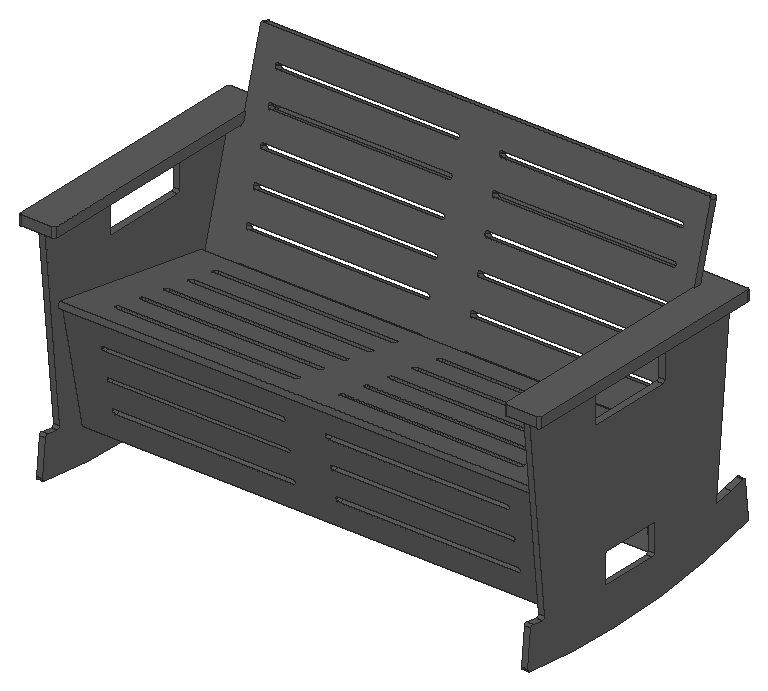
Revit family "Lollygagger Go Love Rocker", category Furniture, Revit 2016 (continued)
Automatic sketch dimensions
  Extrusion 16 sketch curve to Extrusion 16 sketch curve = 0' - 0.00384"
  Extrusion 16 sketch curve to Extrusion 16 sketch curve = 0' - 0.87548"
  Extrusion 16 sketch curve to Extrusion 16 sketch curve = 0' - 0.00476"
  Extrusion 16 sketch curve to Extrusion 16 sketch curve = 0' - 0.62762"
  Extrusion 16 sketch curve to Extrusion 16 sketch curve = 0' - 3.99994"
  Extrusion 16 sketch curve to Extrusion 16 sketch curve = 0' - 0.6186"
  Extrusion 16 sketch curve to Extrusion 16 sketch curve = 0' - 0.00477"  (x2)
  Extrusion 16 sketch curve to Extrusion 16 sketch curve = 0' - 0.87462"
  Extrusion 16 sketch curve to Extrusion 16 sketch curve = 0' - 0.00362"
  Extrusion 16 sketch curve to Extrusion 16 sketch curve = 0' - 0.66539"
  Extrusion 16 sketch curve to Extrusion 16 sketch curve = 0' - 0.70143"
  Extrusion 16 sketch curve to Extrusion 16 sketch curve = 0' - 0.70619"
  Extrusion 16 sketch curve to Extrusion 16 sketch curve = 0' - 0.25829"
  Extrusion 16 sketch curve to Extrusion 16 sketch curve = 0' - 0.24877"
  Extrusion 17 sketch curve to plane 12 = 0' - 0.77952"
  Extrusion 17 sketch curve to plane 22 = 0' - 1.95125"
  Extrusion 17 sketch curve to Extrusion 17 sketch curve = 0' - 0.00384"
  Extrusion 17 sketch curve to Extrusion 17 sketch curve = 0' - 0.87548"
  Extrusion 17 sketch curve to Extrusion 17 sketch curve = 0' - 0.00476"
  Extrusion 17 sketch curve to Extrusion 17 sketch curve = 0' - 0.62762"
  Extrusion 17 sketch curve to Extrusion 17 sketch curve = 0' - 3.99994"
  Extrusion 17 sketch curve to Extrusion 17 sketch curve = 0' - 0.6186"
  Extrusion 17 sketch curve to Extrusion 17 sketch curve = 0' - 0.00477"  (x2)
  Extrusion 17 sketch curve to Extrusion 17 sketch curve = 0' - 0.87462"
  Extrusion 17 sketch curve to Extrusion 17 sketch curve = 0' - 0.00362"
  Extrusion 17 sketch curve to Extrusion 17 sketch curve = 0' - 0.66539"
  Extrusion 17 sketch curve to Extrusion 17 sketch curve = 0' - 0.70143"
  Extrusion 17 sketch curve to Extrusion 17 sketch curve = 0' - 0.70619"
  Extrusion 17 sketch curve to Extrusion 17 sketch curve = 0' - 0.25829"
  Extrusion 17 sketch curve to Extrusion 17 sketch curve = 0' - 0.24877"
  Extrusion 18 sketch curve to plane 5 = 0' - 0"  (x2)
  plane 7 to Extrusion 18 sketch curve = 0' - 0.4025"
  plane 7 to Extrusion 18 sketch curve = 0' - 0.60108"
  Extrusion 18 sketch curve to Extrusion 18 sketch curve = 0' - 0.22134"
  Extrusion 18 sketch curve to Extrusion 18 sketch curve = 0' - 0.02729"
  plane 7 to Extrusion 18 sketch curve = 0' - 0.76852"
  Extrusion 18 sketch curve to Extrusion 18 sketch curve = 0' - 0.24863"  (x5)
  Extrusion 18 sketch curve to Extrusion 18 sketch curve = 0' - 0.03479"  (x2)
  plane 12 to Extrusion 18 sketch curve = 0' - 0.79524"
  level to Extrusion 18 sketch curve = 0' - 0.15476"
  Extrusion 18 sketch curve to plane 12 = 0' - 2.99409"
  plane 1 "Center Front/Back" to Extrusion 18 sketch curve = 0' - 4.37245"
  Extrusion 18 sketch curve to Extrusion 18 sketch curve = 0' - 0 1/4"  (x4)
  Extrusion 18 sketch curve to plane 8 = 0' - 0.23845"
  plane 1 "Center Front/Back" to Extrusion 18 sketch curve = 0' - 3.10134"
  plane 8 to Extrusion 18 sketch curve = 0' - 0.01155"
  level to Extrusion 18 sketch curve = 0' - 0.00395"
  plane 1 "Center Front/Back" to Extrusion 18 sketch curve = 0' - 1.59178"
  Extrusion 18 sketch curve to plane 1 "Center Front/Back" = 0' - 2.85134"
  Extrusion 18 sketch curve to Extrusion 18 sketch curve = 0' - 0"
  level to Extrusion 18 sketch curve = 0' - 0.3065"
  Extrusion 18 sketch curve to plane 1 "Center Front/Back" = 0' - 4.00288"
  Extrusion 18 sketch curve to plane 1 "Center Front/Back" = 0' - 4.12245"
  Extrusion 18 sketch curve to plane 11 = 0' - 0.78441"
  plane 11 to Extrusion 18 sketch curve = 0' - 0.60503"
  Extrusion 18 sketch curve to Extrusion 18 sketch curve = 0' - 0.05739"
  Extrusion 18 sketch curve to plane 6 = 0' - 0.60108"
  Extrusion 18 sketch curve to plane 6 = 0' - 0.45022"
  plane 6 to Extrusion 18 sketch curve = 0' - 0.94656"
  Extrusion 18 sketch curve to Extrusion 18 sketch curve = 0' - 0.06346"
  plane 6 to Extrusion 18 sketch curve = 0' - 1.38064"
  level to Extrusion 18 sketch curve = 0' - 0.74704"
  Extrusion 18 sketch curve to Extrusion 18 sketch curve = 0' - 0.24851"
  level to Extrusion 18 sketch curve = 0' - 1.03594"
  level to Extrusion 18 sketch curve = 0' - 2.43943"
  Extrusion 18 sketch curve to Extrusion 18 sketch curve = 0' - 0.02613"  (x3)
  Extrusion 18 sketch curve to Extrusion 18 sketch curve = 0' - 2.80302"
  Extrusion 18 sketch curve to plane 8 = 0' - 2.77203"
  Extrusion 18 sketch curve to Extrusion 18 sketch curve = 0' - 0.16514"
  Extrusion 18 sketch curve to Extrusion 18 sketch curve = 0' - 0.24757"
  Extrusion 18 sketch curve to plane 8 = 0' - 1.80081"
  Extrusion 18 sketch curve to Extrusion 18 sketch curve = 0' - 0.24332"
  Extrusion 18 sketch curve to plane 8 = 0' - 1.40902"
  Extrusion 18 sketch curve to plane 8 = 0' - 1.28429"
  Extrusion 18 sketch curve to plane 5 = 0' - 4"
  Extrusion 18 sketch curve to Extrusion 18 sketch curve = 0' - 0.05398"
  Extrusion 18 sketch curve to Extrusion 18 sketch curve = 0' - 0.00005"
  Extrusion 18 sketch curve to Extrusion 18 sketch curve = 0' - 0.00023"
  Extrusion 19 sketch curve to plane 19 = 0' - 0"  (x2)
  Extrusion 19 sketch curve to plane 22 = 0' - 0.5463"
  Extrusion 19 sketch curve to Extrusion 19 sketch curve = 0' - 0.43578"
  Extrusion 19 sketch curve to Extrusion 19 sketch curve = 0' - 0.90715"
  Extrusion 19 sketch curve to Extrusion 19 sketch curve = 0' - 0.02179"
  Extrusion 19 sketch curve to Extrusion 19 sketch curve = 0' - 0.24996"
  Extrusion 19 sketch curve to Extrusion 19 sketch curve = 0' - 0.00349"
  Extrusion 19 sketch curve to Extrusion 19 sketch curve = 1' - 1.18249"
  Extrusion 19 sketch curve to Extrusion 19 sketch curve = 0' - 0.02112"
  Extrusion 19 sketch curve to Extrusion 19 sketch curve = 0' - 0.1158"
  Extrusion 19 sketch curve to Extrusion 19 sketch curve = 0' - 0.76069"
  Extrusion 19 sketch curve to Extrusion 19 sketch curve = 0' - 1.84829"
  Extrusion 19 sketch curve to Extrusion 19 sketch curve = 0' - 4.3543"
  Extrusion 19 sketch curve to Extrusion 19 sketch curve = 0' - 0.09984"
  Extrusion 19 sketch curve to Extrusion 19 sketch curve = 0' - 0.22305"
  plane 3 "Center Left/Right" to Extrusion 20 sketch curve = 0' - 1 3/8"
  Extrusion 20 sketch curve to Extrusion 20 sketch curve = 0' - 0.49799"  (x2)
  plane 3 "Center Left/Right" to Extrusion 20 sketch curve = 0' - 0.5013"
  plane 3 "Center Left/Right" to Extrusion 20 sketch curve = 0' - 0.48554"
  Extrusion 20 sketch curve to plane 3 "Center Left/Right" = 0' - 0.50665"
  Extrusion 20 sketch curve to plane 3 "Center Left/Right" = 0' - 0.5263"
  Extrusion 20 sketch curve to Extrusion 20 sketch curve = 0' - 0.37036"
  Extrusion 20 sketch curve to Extrusion 20 sketch curve = 0' - 0.50353"
  Extrusion 20 sketch curve to Extrusion 20 sketch curve = 0' - 0.48242"
  Extrusion 20 sketch curve to Extrusion 20 sketch curve = 0' - 0.50442"
  plane 3 "Center Left/Right" to Extrusion 21 sketch curve = 0' - 1 3/8"
  Extrusion 21 sketch curve to Extrusion 21 sketch curve = 0' - 0.50505"  (x2)
  plane 3 "Center Left/Right" to Extrusion 21 sketch curve = 0' - 0.53418"
  plane 3 "Center Left/Right" to Extrusion 21 sketch curve = 0' - 0.50657"
  Extrusion 21 sketch curve to plane 3 "Center Left/Right" = 0' - 0.48099"
  Extrusion 21 sketch curve to plane 3 "Center Left/Right" = 0' - 0.52474"
  Extrusion 21 sketch curve to Extrusion 21 sketch curve = 0' - 0.3452"
  Extrusion 21 sketch curve to Extrusion 21 sketch curve = 0' - 0.49486"
  Extrusion 21 sketch curve to Extrusion 21 sketch curve = 0' - 0.52044"
  Extrusion 21 sketch curve to Extrusion 21 sketch curve = 0' - 0.51088"
  Masking region 9 sketch curve to plane 5 = 0' - 0"
  Masking region 9 sketch curve to plane 4 = 0' - 0"
  Masking region 9 sketch curve to Masking region 9 sketch curve = 0' - 0.60108"
  Masking region 9 sketch curve to plane 6 = 0' - 0.69304"
  plane 6 to Masking region 9 sketch curve = 0' - 0.14267"
  plane 6 to Masking region 9 sketch curve = 0' - 0.32118"
  plane 6 to Masking region 9 sketch curve = 0' - 0.39267"
  Masking region 9 sketch curve to plane 5 = 0' - 0.24994"
  Masking region 9 sketch curve to Masking region 9 sketch curve = 0' - 0.56773"
  Masking region 9 sketch curve to Masking region 9 sketch curve = 0' - 0 3/8"
  Masking region 9 sketch curve to Masking region 9 sketch curve = 0' - 0.24994"
  Extrusion 8 to Extrusion 22 sketch curve = 0' - 0.11118"
  Extrusion 22 sketch curve to Extrusion 8 = 0' - 0 5/8"
  Extrusion 22 sketch curve to Extrusion 22 sketch curve = 0' - 0.49368"
  Extrusion 22 sketch curve to Extrusion 22 sketch curve = 0' - 0.38043"
  Extrusion 22 sketch curve to Extrusion 22 sketch curve = 0' - 0.38084"
  Extrusion 22 sketch curve to Extrusion 22 sketch curve = 0' - 1.00003"
  Extrusion 22 sketch curve to Extrusion 22 sketch curve = 0' - 1.01051"
  Extrusion 22 sketch curve to Extrusion 22 sketch curve = 0' - 0.37169"
  Extrusion 8 to Extrusion 22 sketch curve = 0' - 0.11025"
  Extrusion 22 sketch curve to Extrusion 8 = 0' - 0.39146"  (x2)
  Extrusion 22 sketch curve to Extrusion 22 sketch curve = 0' - 0.49872"
  Extrusion 23 sketch curve to Extrusion 23 sketch curve = 0' - 0.11009"
  Extrusion 23 sketch curve to Extrusion 23 sketch curve = 0' - 0.15466"
  Extrusion 23 sketch curve to Extrusion 23 sketch curve = 0' - 0.21684"
  Extrusion 24 sketch curve to plane 3 "Center Left/Right" = 0' - 0"
  Extrusion 24 sketch curve to plane 17 = 0' - 1"
  plane 18 to Extrusion 24 sketch curve = 0' - 1"
  plane 11 to Extrusion 24 sketch curve = 0' - 1.16996"
  plane 6 to Extrusion 24 sketch curve = 0' - 0.25323"  (x2)
  plane 6 to Extrusion 24 sketch curve = 0' - 0.96033"
  plane 11 to Extrusion 23 sketch curve = 0' - 0.6097"
  Extrusion 23 sketch curve to plane 5 = 0' - 2.76325"
  Extrusion 23 sketch curve to Extrusion 23 sketch curve = 0' - 0.73359"
  plane 11 to Extrusion 23 sketch curve = 0' - 1.17811"
  Extrusion 23 sketch curve to Extrusion 23 sketch curve = 0' - 0.27564"
  Extrusion 23 sketch curve to plane 5 = 0' - 0 7/8"
  Extrusion 23 sketch curve to Extrusion 23 sketch curve = 0' - 0 1/4"
  Extrusion 23 sketch curve to plane 5 = 0' - 0 1/4"
  plane 6 to Extrusion 23 sketch curve = 0' - 0.14238"
  plane 11 to Extrusion 23 sketch curve = 0' - 0.91484"
  Extrusion 23 sketch curve to Extrusion 23 sketch curve = 0' - 0.27902"
  radius of Extrusion 3 sketch curve = 0' - 0.15388"  (x2)
  radius of Extrusion 5 sketch curve = 0' - 0.15388"  (x2)
  radius of Extrusion 6 sketch curve = 0' - 0.15388"  (x2)
  radius of Extrusion 7 sketch curve = 0' - 0.15388"  (x2)
  radius of Extrusion 10 sketch curve = 0' - 0.15567"  (x2)
  radius of Extrusion 11 sketch curve = 0' - 0.15567"  (x2)
  radius of Extrusion 14 sketch curve = 0' - 0.15567"  (x2)
  radius of Extrusion 15 sketch curve = 0' - 0.15567"  (x2)
  radius of Extrusion 16 sketch curve = 0' - 0.15567"  (x2)
  radius of Extrusion 17 sketch curve = 0' - 0.15567"  (x2)
  radius of Extrusion 20 sketch curve = 0' - 0.15456"  (x2)
  radius of Extrusion 21 sketch curve = 0' - 0.14972"  (x2)
  radius of Extrusion 22 sketch curve = 0' - 0.15619"  (x2)
Types (11): name | Finish Material
  Loll-Black | Loll-Black
  Loll-Sunset | Loll-Sunset
  Loll-Chocolate | Loll-Chocolate
  Loll-Sky | Loll-Sky
  Loll-Apple | Loll-Apple
  Loll-Leaf | Loll-Leaf
  Loll-Evergreen | Loll-Evergreen
  Loll-Charcoal | Loll-Charcoal
  Loll-Sand | Loll-Sand
  Loll-Navy Blue | Loll-Navy Blue
  Loll-White | Loll-White
